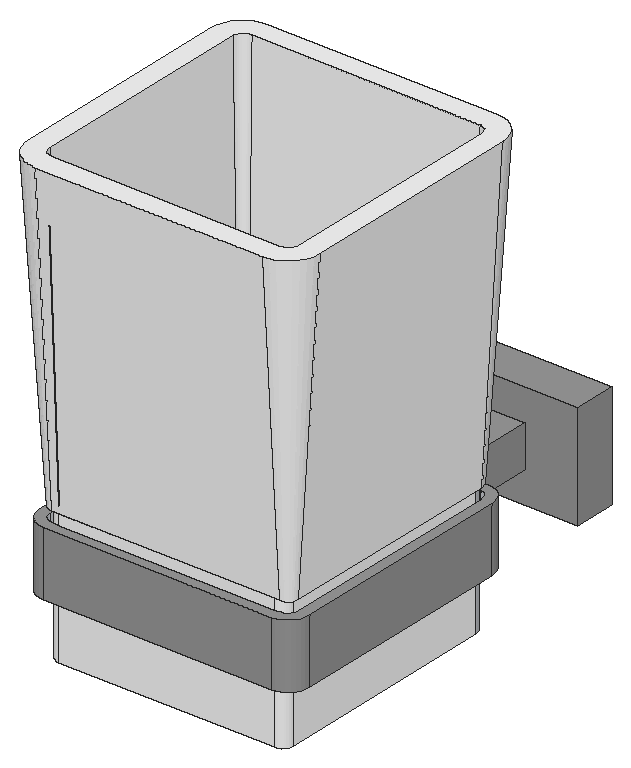
Revit family "PORTAVASO ATLAS CR", category Plumbing Fixtures, Revit 2019
Family settings
  Round Connector Dimension = Use Diameter
  Part Type = Normal
  OmniClass Number = 23.45.00.00
  OmniClass Title = Sanitary, Laundry, and Cleaning Equipment
  Work Plane-Based = No
  Always vertical = Yes
  Cut with Voids When Loaded = No
  Shared = No
  Room Calculation Point = No
Reference planes
  plane 1 "Center (Front/Back)": y = 0
  plane 2: z = 0
  plane 3 "Center (Left/Right)": x = 0
Forms (mm)
  Extrusion 1, solid
    sketch origin (0, 0, 0) x (1, 0, 0) y (0, 0, 1)
      loop
        line (0, 0) -> (55, 0) -> (55, 25) -> (0, 25) -> (0, 0)
    from 0 to 10
  Extrusion 2, solid
    sketch origin (0, 0, 0) x (1, 0, 0) y (0, 0, 1)
      loop
        line (12.5, 12.5) -> (12.5, 7.5) -> (42.5, 7.5) -> (42.5, 17.5) -> (12.5, 17.5) -> (12.5, 12.5)
    from 10 to 36
  Extrusion 3, solid
    sketch origin (0, 0, 0) x (1, 0, 0) y (0, 1, 0)
      loop
        line (27.5, -36) -> (0.5, -36)
        arc (0.5, -36) -> (-3.036, -37.464) -> (-4.5, -41) r 5
        line (-4.5, -41) -> (-4.5, -95)
        arc (-4.5, -95) -> (-3.036, -98.536) -> (0.5, -100) r 5
        line (0.5, -100) -> (54.5, -100)
        arc (54.5, -100) -> (58.036, -98.536) -> (59.5, -95) r 5
        line (59.5, -95) -> (59.5, -41)
        arc (59.5, -41) -> (58.036, -37.464) -> (54.5, -36) r 5
        line (54.5, -36) -> (27.5, -36)
      loop
        line (-2, -41) -> (-2, -95)
        arc (-2, -95) -> (-1.268, -96.768) -> (0.5, -97.5) r 2.5
        line (0.5, -97.5) -> (54.5, -97.5)
        arc (54.5, -97.5) -> (56.268, -96.768) -> (57, -95) r 2.5
        line (57, -95) -> (57, -41)
        arc (57, -41) -> (56.268, -39.232) -> (54.5, -38.5) r 2.5
        line (54.5, -38.5) -> (27.5, -38.5) -> (0.5, -38.5)
        arc (0.5, -38.5) -> (-1.268, -39.232) -> (-2, -41) r 2.5
    from 4.665 to 19.933
  Extrusion 4, solid
    sketch origin (0, 0, 0) x (1, 0, 0) y (0, 1, 0)
      loop
        arc (2.144, -38.5) -> (0.376, -39.232) -> (-0.356, -41) r 2.5
        line (-0.356, -41) -> (-0.356, -95)
        arc (-0.356, -95) -> (0.376, -96.768) -> (2.144, -97.5) r 2.5
        line (2.144, -97.5) -> (53.163, -97.5)
        arc (53.163, -97.5) -> (54.931, -96.768) -> (55.663, -95) r 2.5
        line (55.663, -95) -> (55.663, -41)
        arc (55.663, -41) -> (54.931, -39.232) -> (53.163, -38.5) r 2.5
        line (53.163, -38.5) -> (2.144, -38.5)
    from 22.464 to -9.113
  Extrusion 5, void
    sketch origin (0, 0, 0) x (1, 0, 0) y (0, 1, 0)
      loop
        line (0.5, -42.028) -> (0.5, -93.974)
        arc (0.5, -93.974) -> (0.801, -94.699) -> (1.526, -95) r 1.026
        line (1.526, -95) -> (53.536, -95)
        arc (53.536, -95) -> (54.218, -94.718) -> (54.5, -94.036) r 0.964
        line (54.5, -94.036) -> (54.5, -42.027)
        arc (54.5, -42.027) -> (54.199, -41.301) -> (53.473, -41) r 1.027
        line (53.473, -41) -> (1.528, -41)
        arc (1.528, -41) -> (0.801, -41.301) -> (0.5, -42.028) r 1.028
    from -6.526 to 34.044
  Blend 6, solid
    base sketch origin (0, 0, 0) x (1, 0, 0) y (0, 1, 0)
      loop
        line (-2, -41) -> (-2, -95)
        arc (-2, -95) -> (-1.268, -96.768) -> (0.5, -97.5) r 2.5
        line (0.5, -97.5) -> (54.5, -97.5)
        arc (54.5, -97.5) -> (56.268, -96.768) -> (57, -95) r 2.5
        line (57, -95) -> (57, -41)
        arc (57, -41) -> (56.268, -39.232) -> (54.5, -38.5) r 2.5
        line (54.5, -38.5) -> (0.5, -38.5)
        arc (0.5, -38.5) -> (-1.268, -39.232) -> (-2, -41) r 2.5
    top sketch origin (0, 0, 0) x (1, 0, 0) y (0, 1, 0)
      loop
        line (-7, -41) -> (-7, -95)
        arc (-7, -95) -> (-4.803, -100.303) -> (0.5, -102.5) r 7.5
        line (0.5, -102.5) -> (54.5, -102.5)
        arc (54.5, -102.5) -> (59.803, -100.303) -> (62, -95) r 7.5
        line (62, -95) -> (62, -41)
        arc (62, -41) -> (59.803, -35.697) -> (54.5, -33.5) r 7.5
        line (54.5, -33.5) -> (0.5, -33.5)
        arc (0.5, -33.5) -> (-4.803, -35.697) -> (-7, -41) r 7.5
    from 22.464 to 97.5
  Blend 7, void
    base sketch origin (0, 0, 0) x (1, 0, 0) y (0, 1, 0)
      loop
        line (0.5, -42.028) -> (0.5, -93.974)
        arc (0.5, -93.974) -> (0.793, -94.707) -> (1.526, -95) r 1
        line (1.526, -95) -> (53.536, -95)
        arc (53.536, -95) -> (54.218, -94.718) -> (54.5, -94.036) r 0.964
        line (54.5, -94.036) -> (54.5, -42.027)
        arc (54.5, -42.027) -> (54.199, -41.301) -> (53.473, -41) r 1.027
        line (53.473, -41) -> (1.528, -41)
        arc (1.528, -41) -> (0.801, -41.301) -> (0.5, -42.028) r 1.028
    top sketch origin (0, 0, 0) x (1, 0, 0) y (0, 1, 0)
      loop
        line (-2, -41) -> (-2, -95)
        arc (-2, -95) -> (-1.268, -96.768) -> (0.5, -97.5) r 2.5
        line (0.5, -97.5) -> (54.5, -97.5)
        arc (54.5, -97.5) -> (56.268, -96.768) -> (57, -95) r 2.5
        line (57, -95) -> (57, -41)
        arc (57, -41) -> (56.268, -39.232) -> (54.5, -38.5) r 2.5
        line (54.5, -38.5) -> (0.5, -38.5)
        arc (0.5, -38.5) -> (-1.268, -39.232) -> (-2, -41) r 2.5
    from 0 to 97.5
Cuts and joins
  Extrusion 5 cuts Extrusion 4
  Blend 7 cuts Extrusion 3
  Blend 7 cuts Blend 6
Dimensions and locks
  aligned and locked: level to plane 2
